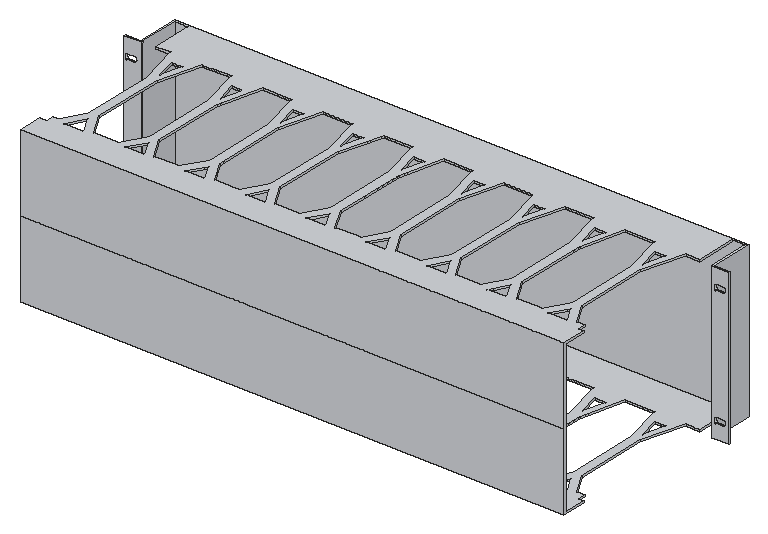
Revit family
Parameters
  Material ID = "760072967"
  Description = "Horizontal Trough Kit, 3 RU 19in (483mm) Single Sided"
Reference planes (in)
  plane 1 "Center (Front/Back)": y = 0
  plane 2: z = 0
  plane 3 "Center (Left/Right)": x = 0
Forms (in)
  Extrusion 1, solid
    sketch origin (0, 0, 0) x (0, 1, 0) y (0, 0, 1)
      loop
        line (0, 0) -> (0, -2.55) -> (0.811, -2.55) -> (0.811, -2.49) -> (0.064, -2.49) -> (0.064, 2.49) -> (0.811, 2.49) -> (0.811, 2.55) -> (0, 2.55) -> (0, 0)
    from -7.99558 to 10.00747
  Extrusion 2, solid
    sketch origin (0, 0, 0) x (0, 1, 0) y (0, 0, 1)
      loop
        line (6.944, 2.49) -> (6.944, -2.49) -> (0.811, -2.49) -> (0.811, -2.55) -> (7.004, -2.55) -> (7.004, 2.55) -> (0.811, 2.55) -> (0.811, 2.49) -> (6.944, 2.49)
    from -7.99558 to 10.00747
  Extrusion 3, void
    sketch origin (0, 0, 0) x (1, 0, 0) y (0, 1, 0)
      loop
        line (-7.49557, 5.62) -> (-9.49557, 5.62) -> (-9.49557, 0.811) -> (-7.75941, 0.811) -> (-7.75941, 1.05437) -> (-7.57634, 1.05437) -> (-7.14864, 1.79517) -> (-7.14864, 4.19795) -> (-7.49557, 5.62)
      loop
        line (-6.46693, 5.62) -> (-6.85112, 4.21804) -> (-6.85112, 1.82069) -> (-6.40868, 1.05437) -> (-5.75941, 1.05437) -> (-5.57634, 1.05437) -> (-5.14864, 1.79517) -> (-5.14864, 4.19795) -> (-5.49557, 5.62) -> (-6.46693, 5.62)
      loop
        line (-7.14755, 5.21027) -> (-6.97533, 4.50435) -> (-6.78188, 5.21027) -> (-7.14755, 5.21027)
      loop
        line (-7.30451, 0.95725) -> (-6.64615, 0.95725) -> (-6.97533, 1.5274) -> (-7.30451, 0.95725)
      loop
        line (-4.46693, 5.62) -> (-4.85112, 4.21804) -> (-4.85112, 1.82069) -> (-4.40868, 1.05437) -> (-3.75941, 1.05437) -> (-3.57634, 1.05437) -> (-3.14864, 1.79517) -> (-3.14864, 4.19795) -> (-3.49557, 5.62) -> (-4.46693, 5.62)
      loop
        line (-5.14755, 5.21027) -> (-4.97533, 4.50435) -> (-4.78188, 5.21027) -> (-5.14755, 5.21027)
      loop
        line (-5.30451, 0.95725) -> (-4.64615, 0.95725) -> (-4.97533, 1.5274) -> (-5.30451, 0.95725)
      loop
        line (-2.46693, 5.62) -> (-2.85112, 4.21804) -> (-2.85112, 1.82069) -> (-2.40868, 1.05437) -> (-1.75941, 1.05437) -> (-1.57634, 1.05437) -> (-1.14864, 1.79517) -> (-1.14864, 4.19795) -> (-1.49557, 5.62) -> (-2.46693, 5.62)
      loop
        line (-3.14755, 5.21027) -> (-2.97533, 4.50435) -> (-2.78188, 5.21027) -> (-3.14755, 5.21027)
      loop
        line (-3.30451, 0.95725) -> (-2.64615, 0.95725) -> (-2.97533, 1.5274) -> (-3.30451, 0.95725)
      loop
        line (-0.46693, 5.62) -> (-0.85112, 4.21804) -> (-0.85112, 1.82069) -> (-0.40868, 1.05437) -> (0.24059, 1.05437) -> (0.42366, 1.05437) -> (0.85136, 1.79517) -> (0.85136, 4.19795) -> (0.50443, 5.62) -> (-0.46693, 5.62)
      loop
        line (-1.14755, 5.21027) -> (-0.97533, 4.50435) -> (-0.78188, 5.21027) -> (-1.14755, 5.21027)
      loop
        line (-1.30451, 0.95725) -> (-0.64615, 0.95725) -> (-0.97533, 1.5274) -> (-1.30451, 0.95725)
      loop
        line (1.53307, 5.62) -> (1.14888, 4.21804) -> (1.14888, 1.82069) -> (1.59132, 1.05437) -> (2.24059, 1.05437) -> (2.42366, 1.05437) -> (2.85136, 1.79517) -> (2.85136, 4.19795) -> (2.50443, 5.62) -> (1.53307, 5.62)
      loop
        line (0.85245, 5.21027) -> (1.02467, 4.50435) -> (1.21812, 5.21027) -> (0.85245, 5.21027)
      loop
        line (0.69549, 0.95725) -> (1.35385, 0.95725) -> (1.02467, 1.5274) -> (0.69549, 0.95725)
      loop
        line (3.53307, 5.62) -> (3.14888, 4.21804) -> (3.14888, 1.82069) -> (3.59132, 1.05437) -> (4.24059, 1.05437) -> (4.42366, 1.05437) -> (4.85136, 1.79517) -> (4.85136, 4.19795) -> (4.50443, 5.62) -> (3.53307, 5.62)
      loop
        line (2.85245, 5.21027) -> (3.02467, 4.50435) -> (3.21812, 5.21027) -> (2.85245, 5.21027)
      loop
        line (2.69549, 0.95725) -> (3.35385, 0.95725) -> (3.02467, 1.5274) -> (2.69549, 0.95725)
      loop
        line (5.53307, 5.62) -> (5.14888, 4.21804) -> (5.14888, 1.82069) -> (5.59132, 1.05437) -> (6.24059, 1.05437) -> (6.42366, 1.05437) -> (6.85136, 1.79517) -> (6.85136, 4.19795) -> (6.50443, 5.62) -> (5.53307, 5.62)
      loop
        line (4.85245, 5.21027) -> (5.02467, 4.50435) -> (5.21812, 5.21027) -> (4.85245, 5.21027)
      loop
        line (4.69549, 0.95725) -> (5.35385, 0.95725) -> (5.02467, 1.5274) -> (4.69549, 0.95725)
      loop
        line (7.53307, 5.62) -> (7.14888, 4.21804) -> (7.14888, 1.82069) -> (7.59132, 1.05437) -> (8.24059, 1.05437) -> (8.42366, 1.05437) -> (8.85136, 1.79517) -> (8.85136, 4.19795) -> (8.50443, 5.62) -> (7.53307, 5.62)
      loop
        line (6.85245, 5.21027) -> (7.02467, 4.50435) -> (7.21812, 5.21027) -> (6.85245, 5.21027)
      loop
        line (6.69549, 0.95725) -> (7.35385, 0.95725) -> (7.02467, 1.5274) -> (6.69549, 0.95725)
      loop
        line (9.53307, 5.62) -> (9.14888, 4.21804) -> (9.14888, 1.82069) -> (9.59132, 1.05437) -> (9.84019, 1.05437) -> (9.84019, 0.811) -> (11.78307, 0.811) -> (11.78307, 5.62) -> (9.53307, 5.62)
      loop
        line (8.85245, 5.21027) -> (9.02467, 4.50435) -> (9.21812, 5.21027) -> (8.85245, 5.21027)
      loop
        line (8.69549, 0.95725) -> (9.35385, 0.95725) -> (9.02467, 1.5274) -> (8.69549, 0.95725)
    from -5.49853 to 12
  Extrusion 4, solid
    sketch origin (0, 0, 0) x (1, 0, 0) y (0, 1, 0)
      loop
        line (-7.99558, 7.004) -> (-8.49558, 7.004) -> (-8.49558, 5.61746) -> (-8.99558, 5.61746) -> (-8.99558, 5.55346) -> (-8.43158, 5.55346) -> (-8.43158, 5.61746) -> (-8.43158, 6.94) -> (-7.99558, 6.94) -> (-7.99558, 7.004)
      loop
        line (10.00747, 7.004) -> (10.00747, 6.94) -> (10.44347, 6.94) -> (10.44347, 5.61746) -> (10.44347, 5.55346) -> (11.00747, 5.55346) -> (11.00747, 5.61746) -> (10.50747, 5.61746) -> (10.50747, 7.004) -> (10.00747, 7.004)
    from -2.55 to 2.55
  Extrusion 5, void
    sketch origin (0, 0, 0) x (1, 0, 0) y (0, 0, 1)
      loop
        spline (-8.8841, 2.06056) -> (-8.90181, 2.0572) -> (-8.91831, 2.04733) -> (-8.93248, 2.03162) -> (-8.94335, 2.01116) -> (-8.95018, 1.98732) -> (-8.95251, 1.96175) -> (-8.95018, 1.93617) -> (-8.94335, 1.91234) -> (-8.93248, 1.89187) -> (-8.91831, 1.87617) -> (-8.90181, 1.86629) -> (-8.8841, 1.86293)
        line (-8.8841, 1.86293) -> (-8.6341, 1.86293)
        spline (-8.6341, 1.86293) -> (-8.61568, 1.86629) -> (-8.59852, 1.87617) -> (-8.58378, 1.89187) -> (-8.57247, 1.91234) -> (-8.56536, 1.93617) -> (-8.56294, 1.96175) -> (-8.56536, 1.98732) -> (-8.57247, 2.01116) -> (-8.58378, 2.03162) -> (-8.59852, 2.04733) -> (-8.61568, 2.0572) -> (-8.6341, 2.06056)
        line (-8.6341, 2.06056) -> (-8.8841, 2.06056)
      loop
        spline (-8.8841, -1.88418) -> (-8.90181, -1.88754) -> (-8.91831, -1.89742) -> (-8.93248, -1.91312) -> (-8.94335, -1.93359) -> (-8.95018, -1.95742) -> (-8.95251, -1.983) -> (-8.95018, -2.00857) -> (-8.94335, -2.0324) -> (-8.93248, -2.05287) -> (-8.91831, -2.06857) -> (-8.90181, -2.07845) -> (-8.8841, -2.08181)
        line (-8.8841, -2.08181) -> (-8.6341, -2.08181)
        spline (-8.6341, -2.08181) -> (-8.61568, -2.07845) -> (-8.59852, -2.06857) -> (-8.58378, -2.05287) -> (-8.57247, -2.0324) -> (-8.56536, -2.00857) -> (-8.56294, -1.983) -> (-8.56536, -1.95742) -> (-8.57247, -1.93359) -> (-8.58378, -1.91312) -> (-8.59852, -1.89742) -> (-8.61568, -1.88754) -> (-8.6341, -1.88418)
        line (-8.6341, -1.88418) -> (-8.8841, -1.88418)
      loop
        spline (10.6159, 2.06056) -> (10.59819, 2.0572) -> (10.58169, 2.04733) -> (10.56752, 2.03162) -> (10.55665, 2.01116) -> (10.54982, 1.98732) -> (10.54749, 1.96175) -> (10.54982, 1.93617) -> (10.55665, 1.91234) -> (10.56752, 1.89187) -> (10.58169, 1.87617) -> (10.59819, 1.86629) -> (10.6159, 1.86293)
        line (10.6159, 1.86293) -> (10.8659, 1.86293)
        spline (10.8659, 1.86293) -> (10.88432, 1.86629) -> (10.90148, 1.87617) -> (10.91622, 1.89187) -> (10.92753, 1.91234) -> (10.93464, 1.93617) -> (10.93706, 1.96175) -> (10.93464, 1.98732) -> (10.92753, 2.01116) -> (10.91622, 2.03162) -> (10.90148, 2.04733) -> (10.88432, 2.0572) -> (10.8659, 2.06056)
        line (10.8659, 2.06056) -> (10.6159, 2.06056)
      loop
        spline (10.6159, -1.88418) -> (10.59819, -1.88754) -> (10.58169, -1.89742) -> (10.56752, -1.91312) -> (10.55665, -1.93359) -> (10.54982, -1.95742) -> (10.54749, -1.983) -> (10.54982, -2.00857) -> (10.55665, -2.0324) -> (10.56752, -2.05287) -> (10.58169, -2.06857) -> (10.59819, -2.07845) -> (10.6159, -2.08181)
        line (10.6159, -2.08181) -> (10.8659, -2.08181)
        spline (10.8659, -2.08181) -> (10.88432, -2.07845) -> (10.90148, -2.06857) -> (10.91622, -2.05287) -> (10.92753, -2.0324) -> (10.93464, -2.00857) -> (10.93706, -1.983) -> (10.93464, -1.95742) -> (10.92753, -1.93359) -> (10.91622, -1.91312) -> (10.90148, -1.89742) -> (10.88432, -1.88754) -> (10.8659, -1.88418)
        line (10.8659, -1.88418) -> (10.6159, -1.88418)
    from -14.85026 to 12
Cuts and joins
  Extrusion 3, Extrusion 5 cuts Extrusion 1
  Extrusion 3, Extrusion 5 cuts Extrusion 2
  Extrusion 5 cuts Extrusion 4
  joined: Extrusion 1, Extrusion 2, Extrusion 4
